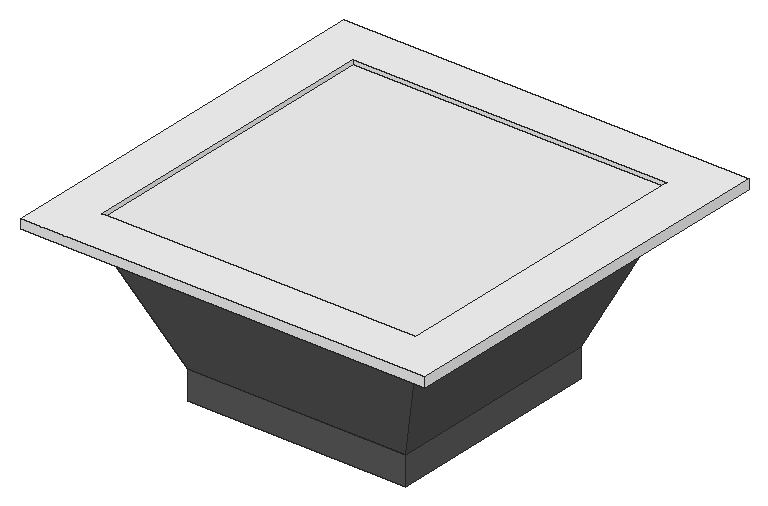
Revit family "3033702 Feilo Sylvania Lighting Fixture INSAVER150 HO TOPPER LED SQ 12W WW", category Lighting Fixtures, host Face, Revit 2017
Family settings
  Host = Face
  Round Connector Dimension = Use Diameter
  Part Type = Normal
  OmniClass Number = 23.80.70.00
  OmniClass Title = Lighting
  Cut with Voids When Loaded = No
  Light Source = Yes
  Shared = No
  Room Calculation Point = No
Parameters (values of type "3033702 INSAVER150 HO TOPPER LED SQ 12W WW")
  Width_FEILO = 170 mm
  WidthCutOut_FEILO = 150 mm
  Weight = "7.8 kg"
  Wattage Comments = ""
  Wattage = 12 W
  WarrantyStartDate [instance] = "n/a"
  WarrantyGuarantorParts = "n/a"
  WarrantyDurationUnit = "n/a"
  WarrantyDurationParts = "n/a"
  WarrantyDescription = "n/a"
  built-in parameter 1150110 = 1 (stored number, unit not read)
  Voltage = 230 V
  URL = "http://www.sylvania-lighting.com"
  TypeName = "INSAVER150 HO TOPPER LED SQ 12W WW"
  Type Image = <None>
  Type Comments = "n/a"
  built-in parameter 1114217 = 1 (stored number, unit not read)
  Tilt Angle = -90.00°
  built-in parameter 1150109 = 1 (stored number, unit not read)
  built-in parameter 1150134 = (empty or 0)
  built-in parameter 1150113 = 1 (stored number, unit not read)
  SerialNumber [instance] = "n/a"
  Photometric Web File = "3033702.ies"
  Offset3_FEILO = Width_FEILO / 8.5  # 20 mm
  Offset2_FEILO = Width_FEILO / 28.3333  # 6 mm
  Offset1_FEILO = Width_FEILO / 56.6667  # 3 mm
  Material_3_FEILO = Diffuser-Sylvania-InsaverHoTopperSquare
  PowerFactor = 0
  PowerConsumption = "12 W"
  NominalLength = 150 mm
  NominalHeight = 68 mm
  NominalDepth = 150 mm
  Name = "INSAVER150 HO TOPPER LED SQ 12W WW"
  ModelReference = Name  # "INSAVER150 HO TOPPER LED SQ 12W WW"
  ModelNumber = "3033702"
  Model = Name  # "INSAVER150 HO TOPPER LED SQ 12W WW"
  Material = "polycarbonate diffuser"
  ManufacturerName = "Feilo Sylvania"
  Manufacturer = "Feilo Sylvania"
  LuminousEfficacy = "73 lm/W"
  built-in parameter 1150105 = 385.78 (stored number, unit not read)
  Lumens = 876 lm
  LuminaireType = ""
  built-in parameter 1150115 = 1 (stored number, unit not read)
  LightOutputRatio = "n/a"
  built-in parameter 1150137 = (empty or 0)
  built-in parameter 1150139 = (empty or 0)
  LampsType = Lamp  # "LED"
  LampNominalLuminous = "874 lm"
  LampMacAdamStep = "n/a"
  LampColourTemperature = "3000 K"
  LampColourRenderingIndex = "0"
  built-in parameter 1150112 = 1 (stored number, unit not read)
  built-in parameter 1150114 = 1 (stored number, unit not read)
  Lamp = "LED"
  Keynote = "16500"
  InstallationDate [instance] = "n/a"
  InputVoltage = "220-240V~"
  InputNominalFrequency = "n/a"
  built-in parameter 1150132 = (empty or 0)
  built-in parameter 1150102 = (empty or 0)
  built-in parameter 1150107 = 3000 (stored number, unit not read)
  built-in parameter 1150138 = (empty or 0)
  IngressProtection = "IP44"
  ImpactProtectionIndex = "IK02"
  built-in parameter 1150106 = 3.8578 (stored number, unit not read)
  IfcExportType = "IfcLightFixtureType"
  IfcExportAs = "IfcLightFixtureType"
  HieghtCutOut_FEILO = HeightRecessed_FEILO / 0.8  # 85 mm
  HieghtBezel_FEILO = 4 mm
  HeightRecessed_FEILO = 68 mm
  HeightMiddle_FEILO = HeightRecessed_FEILO / 8.5  # 8 mm
  HeightBlend_FEILO = HeightRecessed_FEILO / 1.4167  # 48 mm
  ExpectedLife = 50000
  Emit from Rectangle Width = WidthCutOut_FEILO - 2 * (Offset1_FEILO + Offset2_FEILO)  # 132 mm
  Emit from Rectangle Length = WidthCutOut_FEILO - 2 * (Offset1_FEILO + Offset2_FEILO)  # 132 mm
  Emit Shape Visible in Rendering = no
  ElectricShockClassification = "n/a"
  built-in parameter 1150104 = 6.7819 (stored number, unit not read)
  DurationUnit = "hours"
  DocumentationLiterature = "http://www.sylvania-lighting.com/product/en-int/products/3033702"
  DimmingControlOptions = "n/a"
  Material_2_FEILO = Body-Sylvania-InsaverHoTopperSquare-Black
  Dimming Lamp Color Temperature Shift = <None>
  Description = ""
  Default Elevation = 1219.2 mm
  CreatedOn = "2/20/2018"
  CreatedBy = ""
  Cost = 0
  Color Filter = 16777215
  built-in parameter 1114216 [instance] = (empty or 0)
  ClassificationValue = "EF_70_80"
  ClassificationName = "Uniclass2015"
  Material_1_FEILO = Bezel-Sylvania-InsaverHoTopperSquare-White
  BarCode [instance] = "n/a"
  built-in parameter 1114218 = 1 (stored number, unit not read)
  built-in parameter 1150133 = 10 (stored number, unit not read)
  AssetType = "Fixed"
  AssetIdentifier [instance] = "n/a"
  Assembly Code = "D5020200"
  Apparent Load = 12 VA
  Material_4_FEILO = none
Reference planes
  plane 1 "Center (Front/Back)": y = 0
  plane 2: z = 0
  plane 3 "Center (Left/Right)": x = 0
  plane 4: x = 75
  plane 5: x = -75
  plane 6: x = -85
  plane 7: x = 85
  plane 8: x = -72
  plane 9: x = 72
  plane 10: z = -85
  plane 11: z = 4
  plane 12: z = -8
  plane 13: z = -68
  plane 14: y = 85
  plane 15: y = -85
  plane 16: y = 75
  plane 17: y = -75
  plane 18: y = 72
  plane 19: y = -72
  plane 20: z = 2.5
  plane 21: x = -66
  plane 22: y = 66
  plane 23: x = 66
  plane 24: y = -66
  plane 25: x = -46
  plane 26: y = 46
  plane 27: x = 46
  plane 28: y = -46
  plane 29: z = -56
Forms (mm)
  Extrusion 1, void
    sketch origin (0, 0, 0) x (1, 0, 0) y (0, 1, 0)
      loop
        line (-75, 75) -> (-75, -75) -> (75, -75) -> (75, 75) -> (-75, 75)
    from 0 to -85
  Extrusion 2, solid, material "Bezel-Sylvania-InsaverHoTopperSquare-White" <- "Material_1_FEILO"
    sketch origin (0, 0, 0) x (1, 0, 0) y (0, 1, 0)
      loop
        line (-85, 85) -> (-85, -85) -> (85, -85) -> (85, 85) -> (-85, 85)
      loop
        line (-66, 66) -> (-66, -66) -> (66, -66) -> (66, 66) -> (-66, 66)
    from 0 to 4
  Extrusion 3, solid, material "Diffuser-Sylvania-InsaverHoTopperSquare" <- "Material_3_FEILO"
    sketch origin (0, 0, 0) x (1, 0, 0) y (0, 1, 0)
      loop
        line (-66, 66) -> (-66, -66) -> (66, -66) -> (66, 66) -> (-66, 66)
    from 0 to 2.5
  Extrusion 4, solid, material "Bezel-Sylvania-InsaverHoTopperSquare-White" <- "Material_1_FEILO"
    sketch origin (0, 0, 0) x (1, 0, 0) y (0, 1, 0)
      loop
        line (-72, 72) -> (-72, -72) -> (72, -72) -> (72, 72) -> (-72, 72)
    from 0 to -8
  Blend 5, solid, material "Body-Sylvania-InsaverHoTopperSquare-Black" <- "Material_2_FEILO"
    base sketch origin (1223.4, -4572, -8) x (0, -1, 0) y (1, 0, 0)
      loop
        line (-4638, -1289.4) -> (-4506, -1289.4) -> (-4506, -1157.4) -> (-4638, -1157.4) -> (-4638, -1289.4)
    top sketch origin (1223.4, -4572, -8) x (0, -1, 0) y (1, 0, 0)
      loop
        line (-4618, -1269.4) -> (-4526, -1269.4) -> (-4526, -1177.4) -> (-4618, -1177.4) -> (-4618, -1269.4)
    from 0 to -48
  Extrusion 6, solid, material "Body-Sylvania-InsaverHoTopperSquare-Black" <- "Material_2_FEILO"
    sketch origin (1223.4, -4572, -56) x (0, -1, 0) y (-1, 0, 0)
      loop
        line (-4618, 1269.4) -> (-4618, 1177.4) -> (-4526, 1177.4) -> (-4526, 1269.4) -> (-4618, 1269.4)
    from 12 to 0
Dimensions and locks
  "HieghtCutOut_FEILO": plane 2 to plane 10
  "HieghtBezel_FEILO": plane 11 to plane 2
  "HeightMiddle_FEILO": plane 2 to plane 12
  "HeightRecessed_FEILO": plane 2 to plane 13
  equal spacing: plane 19, plane 1 "Center (Front/Back)", plane 18
  equal spacing: plane 17, plane 1 "Center (Front/Back)", plane 16
  equal spacing: plane 15, plane 1 "Center (Front/Back)", plane 14
  "Width_FEILO": plane 15 to plane 14
  "WidthCutOut_FEILO": plane 17 to plane 16
  "Offset1_FEILO": plane 18 to plane 16
  equal spacing: plane 6, plane 3 "Center (Left/Right)", plane 7
  "Width_FEILO": plane 6 to plane 7
  equal spacing: plane 5, plane 3 "Center (Left/Right)", plane 4
  "WidthCutOut_FEILO": plane 5 to plane 4
  equal spacing: plane 8, plane 3 "Center (Left/Right)", plane 9
  "Offset1_FEILO": plane 5 to plane 8
  locked: plane 11 to plane 20 at 1.5
  equal spacing: plane 21, plane 3 "Center (Left/Right)", plane 23
  equal spacing: plane 24, plane 1 "Center (Front/Back)", plane 22
  "Offset2_FEILO": plane 22 to plane 18
  "Offset2_FEILO": plane 8 to plane 21
  equal spacing: plane 25, plane 3 "Center (Left/Right)", plane 27
  equal spacing: plane 28, plane 1 "Center (Front/Back)", plane 26
  "Offset3_FEILO": plane 26 to plane 22
  "Offset3_FEILO": plane 21 to plane 25
  "HeightBlend_FEILO": plane 12 to plane 29
  aligned and locked: plane 2 to host face
  aligned and locked: level to host face
  aligned and locked: plane 16 to Extrusion 1 sketch curve
  aligned and locked: plane 5 to Extrusion 1 sketch curve
  aligned and locked: Extrusion 1 sketch curve to plane 17
  aligned and locked: Extrusion 1 sketch curve to plane 4
  aligned and locked: level to Extrusion 1
  aligned and locked: plane 10 to Extrusion 1
  aligned and locked: plane 14 to Extrusion 2 sketch curve
  aligned and locked: plane 6 to Extrusion 2 sketch curve
  aligned and locked: Extrusion 2 sketch curve to plane 15
  aligned and locked: Extrusion 2 sketch curve to plane 7
  aligned and locked: plane 22 to Extrusion 2 sketch curve
  aligned and locked: plane 21 to Extrusion 2 sketch curve
  aligned and locked: Extrusion 2 sketch curve to plane 24
  aligned and locked: Extrusion 2 sketch curve to plane 23
  aligned and locked: Extrusion 2 to plane 11
  aligned and locked: Extrusion 2 to level
  aligned and locked: Extrusion 3 sketch curve to Extrusion 2  (x4)
  aligned and locked: Extrusion 3 to plane 20
  aligned and locked: Extrusion 3 to level
  aligned and locked: plane 18 to Extrusion 4 sketch curve
  aligned and locked: plane 8 to Extrusion 4 sketch curve
  aligned and locked: Extrusion 4 sketch curve to plane 19
  aligned and locked: Extrusion 4 sketch curve to plane 9
  aligned and locked: plane 12 to Extrusion 4
  aligned and locked: level to Extrusion 4
  aligned and locked: Blend 5 sketch curve to Extrusion 2  (x4)
  aligned and locked: Blend 5 sketch curve to plane 26
  aligned and locked: Blend 5 sketch curve to plane 25
  aligned and locked: plane 28 to Blend 5 sketch curve
  aligned and locked: plane 27 to Blend 5 sketch curve
  aligned and locked: plane 12 to Blend 5
  aligned and locked: plane 29 to Blend 5
  aligned and locked: Extrusion 6 sketch curve to Blend 5  (x4)
  aligned and locked: plane 13 to Extrusion 6
  aligned and locked: Extrusion 6 to plane 29
  aligned and locked: plane 3 "Center (Left/Right)" to imposter light
  aligned and locked: imposter light to plane 1 "Center (Front/Back)"
  aligned and locked: imposter light to plane 20
Automatic sketch dimensions
  host sketch curve to host sketch curve = 2438.4 mm  (x2)
Connectors
  electrical at (0, 0, 0), driven by "Apparent Load", driven by "PowerFactor", driven by "Voltage"
    settings: index 1, voltage 230 V, apparent load 12 VA, apparent load phase1 0 VA, apparent load phase2 0 VA, apparent load phase3 0 VA, power factor 0, load classification "Lighting", number of poles 1, system type 30, power factor state 1, is connector primary yes, connector utility no, sub classification motor no, connector description ""
